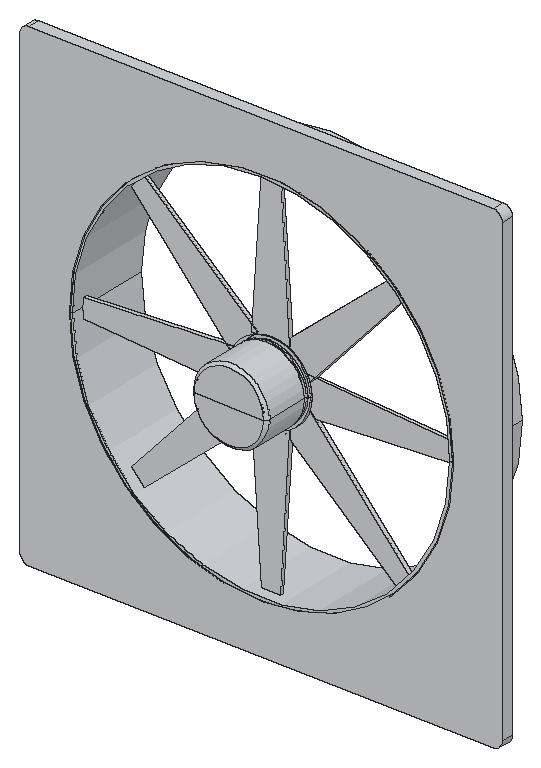
Revit family "CADS_Vent-Axia_MechEquip_Fan_ESP_1Ph4P - EXTRACT", category Mechanical Equipment, Revit 2020
Family settings
  Round Connector Dimension = Use Diameter
  Part Type = Normal
  OmniClass Number = 23.75.00.00
  OmniClass Title = Climate Control (HVAC)
  Work Plane-Based = No
  Always vertical = Yes
  Cut with Voids When Loaded = No
  Shared = No
  Room Calculation Point = No
Parameters (values of type "T100_ESP63014")
  WorkingPressure = 0.0 Pa
  WarrantyStartDate [instance] = "1900-12-31T23:59:59"
  WarrantyPeriod = ""
  WarrantyIdentifier = "N/A"
  WarrantyGuarantorParts = "tech@vent-axia.com"
  WarrantyGuarantorLabor = "tech@vent-axia.com"
  WarrantyGuarantor = "Vent-Axia Limited"
  WarrantyEndDate [instance] = "1900-12-31T23:59:59"
  WarrantyContent = ""
  TemperatureRange = ""
  TagNumber [instance] = "N/A"
  SustainabilityPerformance = ""
  Status = "New"
  Size = ""
  Shape = ""
  ServiceLifeType = ""
  ServiceLifeDuration = ""
  SerialNumber [instance] = "N/A"
  ReplacementCost = ""
  RatedVoltage = 0 V
  RatedCurrent = 0 A
  Quantity = 1
  ProductionYear = ""
  PressureCurve = ""
  PowerFactor = ""
  PointOfContact = ""
  NumberOfPoles = 0
  NominalWidth = 805 mm
  NominalLength = 142.5 mm
  NominalHeight = 805 mm
  NominalFrequencyRange = ""
  NominalDiameter = 630 mm
  ModelReference = "AXIAL PLATE FAN 630DIA 1PH 4 POLE"
  ModelNumber = "T100_ESP63014"
  Material = ""
  ManufacturerE-Mail = "tech@vent-axia.com"
  ManufacturerAddress = "Fleming Way\nCrawley \nRH10 9YX"
  IsExtendedWarranty = no
  InsulationStandardClass = ""
  InstallationDate [instance] = "1900-12-31T23:59:59"
  IfcExportType [instance] = ""
  IfcExportAs = "IfcFanType"
  IP_Code = ""
  HasProtectiveEarth = no
  GrossWeight = 0.00 kg
  Grade = ""
  GlobalTradeItemNumber [instance] = "N/A"
  G = 20 mm
  Fitting Type = "Ignore"
  Finish = ""
  Features = ""
  ExteriorInsulation = no
  ExpectedServiceLife = 0
  Exclusions = ""
  E = 82 mm
  DurationUnit = "Year"
  Default Elevation = 0 mm
  Constituents = ""
  ConductorFunction = ""
  Color = ""
  CodePerformance = ""
  Category = ""
  CADS_Usage = 0
  CADS_Index = 0
  AssetType = "FIXED"
  AssetIdentifier [instance] = "N/A"
  AssemblyPlace = "UNKNOWN"
  ArticleNumber [instance] = "N/A"
  AirflowRateRange = 0.0 L/s
  Air Flow [instance] = 0.0 L/s
  AccessibilityPerformance = ""
  A = 805 mm
Types (8, lengths in mm): name | NominalWidth | NominalLength | NominalHeight | NominalDiameter | ModelReference | ModelNumber | G | E | A
  T100_ESP25014 | 370 | 80 | 370 | 250 | "AXIAL PLATE FAN 250DIA 1PH 4 POLE" | "T100_ESP25014" | 6 | 84 | 370
  T100_ESP31514 | 430 | 84 | 430 | 315 | "AXIAL PLATE FAN 315DIA 1PH 4 POLE  163390-FC031" | "T100_ESP31514" | 19 | 84 | 430
  T100_ESP35514B | 485 | 97 | 485 | 355 | "355MM 1PH 4P PLATE FAN FC035-4EQ.2C.A7 169568" | "T100_ESP35514B" | 21 | 86 | 485
  T100_ESP40014B | 540 | 100 | 540 | 400 | "400MM 1PH 4P PLATE FAN FC040-4EQ.2F.A7 169494" | "T100_ESP40014B" | 12 | 93 | 540
  T100_ESP45014 | 575 | 139 | 575 | 450 | "AXIAL PLATE FAN 450DIA 1PH 4 POLE" | "T100_ESP45014" | 14 | 86 | 575
  T100_ESP50014 | 655 | 141 | 655 | 500 | "AXIAL PLATE FAN 500DIA 1PH 4 POLE" | "T100_ESP50014" | 16 | 84 | 655
  T100_ESP56014C | 725 | 142.5 | 725 | 560 | "560MM 1PH 4P PLATE FAN ART.183560" | "T100_ESP56014C" | 16 | 81 | 725
  T100_ESP63014 | 805 | 142.5 | 805 | 630 | "AXIAL PLATE FAN 630DIA 1PH 4 POLE" | "T100_ESP63014" | 20 | 82 | 805
Reference planes
  plane 1 "Center (Front/Back)": y = 0
  plane 2: z = 0
  plane 3 "Center (Left/Right)": x = 0
  plane 4: x = -315
  plane 5: x = 315
  plane 6 "F": y = -20
  plane 7 "B": y = 122.5
  plane 8: x = -402.5
  plane 9: x = -320
  plane 10 "top": z = 315
  plane 11: z = -315
  plane 12: x = 402.5
  plane 13: z = 402.5
  plane 14: z = -402.5
Forms (mm)
  Revolve 1, solid
    sketch origin (0, 0, 0) x (1, 0, 0) y (0, 1, 0)
      loop
        line (-320, -20) -> (-315, -20) -> (-315, 122.5) -> (-320, 122.5) -> (-320, -20)
      axis (0, 122.5) -> (0, -20)
    angle from 0 to 360
  Extrusion 2, solid
    sketch origin (0, 0, 0) x (1, 0, 0) y (0, 0, 1)
      loop
        arc (-387.5, 402.5) -> (-398.107, 398.107) -> (-402.5, 387.5) r 15
        line (-402.5, 387.5) -> (-402.5, -387.5)
        arc (-402.5, -387.5) -> (-398.107, -398.107) -> (-387.5, -402.5) r 15
        line (-387.5, -402.5) -> (387.5, -402.5)
        arc (387.5, -402.5) -> (398.107, -398.107) -> (402.5, -387.5) r 15
        line (402.5, -387.5) -> (402.5, 387.5)
        arc (402.5, 387.5) -> (398.107, 398.107) -> (387.5, 402.5) r 15
        line (387.5, 402.5) -> (-387.5, 402.5)
      loop
        circle (0, 0) r 320
    from 0 to 20 <- "G"
Dimensions and locks
  equal spacing: plane 4, plane 3 "Center (Left/Right)", plane 5
  "NominalLength": plane 7 "B" to plane 6 "F"
  "NominalDiameter": plane 4 to plane 5
  locked: plane 9 to plane 4 at 5
  equal spacing: plane 10 "top", level, plane 11
  "NominalDiameter": plane 10 "top" to plane 11
  equal spacing: plane 12, plane 3 "Center (Left/Right)", plane 8
  "A": plane 12 to plane 8
  equal spacing: plane 13, level, plane 14
  "A": plane 13 to plane 14
  "G": plane 6 "F" to plane 1 "Center (Front/Back)"
  aligned and locked: level to plane 2
  aligned and locked: Extrusion 2 sketch curve to Revolve 1  (x2)
Automatic sketch dimensions
  plane 6 "F" to Revolve 1 sketch curve = 0 mm
  Revolve 1 sketch curve to plane 4 = 0 mm
  Revolve 1 sketch curve to plane 3 "Center (Left/Right)" = 0 mm
  plane 1 "Center (Front/Back)" to Revolve 1 sketch curve = 0 mm
  Revolve 1 sketch curve to plane 7 "B" = 0 mm
  plane 6 "F" to Revolve 1 sketch curve = 115 mm
  Revolve 1 sketch curve to plane 9 = 0 mm
  Extrusion 2 sketch curve to plane 8 = 0 mm
  Extrusion 2 sketch curve to plane 13 = 0 mm
  Extrusion 2 sketch curve to plane 14 = 0 mm
  plane 12 to Extrusion 2 sketch curve = 0 mm
  plane 8 to Extrusion 2 sketch curve = 15 mm  (x2)
  plane 12 to Extrusion 2 sketch curve = 15 mm  (x2)
Nested families
  nested 1: "Fan for ESP" at (0, 0, 0), ND <- "NominalDiameter", BE <- "E", type "Fan for ESP"
    with hub 63 mm, ND 630 mm, BoltPCD 50.4 mm, Bolt Count 8, B_Diam 10 mm, BE 82 mm
  nested 2: "ESC Blade" at (0, 0, 0), type "ESC Blade"
    with a 20.00°, HR 63 mm, HD 126 mm, BT 31.5 mm, BR 252 mm, BH 40 mm, BD 630 mm, BB 63 mm
  nested 3: "ESC Blade" at (0, 0, 0) x (0.7071, 0, -0.7071) z (0.7071, 0, 0.7071), type "ESC Blade"
    with a 20.00°, HR 63 mm, HD 126 mm, BT 31.5 mm, BR 252 mm, BH 40 mm, BD 630 mm, BB 63 mm
  nested 4: "ESC Blade" at (0, 0, 0) x (0, 0, -1) z (1, 0, 0), type "ESC Blade"
    with a 20.00°, HR 63 mm, HD 126 mm, BT 31.5 mm, BR 252 mm, BH 40 mm, BD 630 mm, BB 63 mm
  nested 5: "ESC Blade" at (0, 0, 0) x (-0.7071, 0, -0.7071) z (0.7071, 0, -0.7071), type "ESC Blade"
    with a 20.00°, HR 63 mm, HD 126 mm, BT 31.5 mm, BR 252 mm, BH 40 mm, BD 630 mm, BB 63 mm
  nested 6: "ESC Blade" at (0, 0, 0) x (-1, 0, 0) z (0, 0, -1), type "ESC Blade"
    with a 20.00°, HR 63 mm, HD 126 mm, BT 31.5 mm, BR 252 mm, BH 40 mm, BD 630 mm, BB 63 mm
  nested 7: "ESC Blade" at (0, 0, 0) x (-0.7071, 0, -0.7071) z (-0.7071, 0, 0.7071), type "ESC Blade"
    with a 20.00°, HR 63 mm, HD 126 mm, BT 31.5 mm, BR 252 mm, BH 40 mm, BD 630 mm, BB 63 mm
  nested 8: "ESC Blade" at (0, 0, 0) x (0, 0, -1) z (-1, 0, 0), type "ESC Blade"
    with a 20.00°, HR 63 mm, HD 126 mm, BT 31.5 mm, BR 252 mm, BH 40 mm, BD 630 mm, BB 63 mm
  nested 9: "ESC Blade" at (0, 0, 0) x (0.7071, 0, -0.7071) z (-0.7071, 0, -0.7071), type "ESC Blade"
    with a 20.00°, HR 63 mm, HD 126 mm, BT 31.5 mm, BR 252 mm, BH 40 mm, BD 630 mm, BB 63 mm
Connectors
  hvac at (0, -20, 0), driven by "NominalDiameter", driven by "Air Flow"
    settings: on Revolve 1, index 1, duct flow 0.0 L/s, flow factor 0, pres drop 0.0 Pa, loss coef 0, conn angle 0.00°, conn width 304.8 mm, conn height 304.8 mm, conn diameter 630 mm, duct sys type 2, conn prof type 0, flow config 0, flow direction 1, loss method 0, conn ref index -1, conn util no, is conn primary yes, conn desc ""
  hvac at (0, 122.5, 0), driven by "NominalDiameter", driven by "Air Flow"
    settings: on Revolve 1, index 2, duct flow 0.0 L/s, flow factor 0, pres drop 0.0 Pa, loss coef 0, conn angle 0.00°, conn width 304.8 mm, conn height 304.8 mm, conn diameter 630 mm, duct sys type 3, conn prof type 0, flow config 1, flow direction 2, loss method 0, conn ref index -1, conn util no, is conn primary no, conn desc ""
Definition of nested family "Fan for ESP"
  Parameters (values of type "Fan for ESP")
    hub [instance] = ND / 10  # 25.1 mm
    ND [instance] = 251 mm
    Model = "."
    Default Elevation = 0 mm
    BoltPCD [instance] = hub - (hub * 0.2)  # 20.08 mm
    Bolt Count [instance] = if(hub < 50 mm, 6, 8)  # 6
    B_Diam [instance] = if(hub < 50 mm, 5 mm, 10 mm)  # 5 mm
    BE [instance] = 84 mm
  Reference planes
    plane 1 "Center (Front/Back)": y = 0
    plane 2: z = 0
    plane 3 "Center (Left/Right)": x = 0
    plane 4 "back": y = 20
    plane 5 "boss": y = -89
    plane 6 "B": z = 25.1
    plane 7: x = -30.1
    plane 8: x = -25.1
    plane 9 "hubface": y = -5
    plane 10: x = -20.1
    plane 11: y = -84
  Forms (mm)
    Revolve 1, solid
      sketch origin (0, 0, 0) x (1, 0, 0) y (0, 1, 0)
        loop
          line (0, -5) -> (0, 10.504) -> (-30.1, 10.504) -> (-30.1, -2.597) -> (-25.1, -2.597) -> (-25.1, -5) -> (0, -5)
        axis (0, 10.504) -> (0, -5)
      angle from 0 to 360
    Extrusion 2, solid, not visible
      sketch origin (0, -6.347, -4) x (-1, 0, 0) y (0, 0, 1)
        loop
          circle (0, 84) r 5
      from 0 to 3
    Revolve 3, solid
      sketch origin (0, 0, 0) x (1, 0, 0) y (0, 1, 0)
        loop
          line (-20.1, -5) -> (-25.1, -10) -> (-25.1, -84) -> (-20.1, -89) -> (0, -89) -> (0, -5) -> (-20.1, -5)
        axis (0, -5) -> (0, -89)
      angle from 0 to 360
  Lines and regions (mm)
    symbolic lines
      curve 1: circle (0, -89, 0) r 20.08 normal (0, 1, 0)
    model lines, not visible
      curve 2: line (0, -6.347, 85) -> (0, -6.347, 75)
  Dimensions and locks
    "hub": plane 6 "B" to plane 2
    "hub": nested 3 to plane 3 "Center (Left/Right)"
    "hub": nested 4 to plane 3 "Center (Left/Right)"
    "hub": nested 5 to plane 3 "Center (Left/Right)"
    "hub": plane 3 "Center (Left/Right)" to nested 6
    "hub": plane 3 "Center (Left/Right)" to nested 7
    "hub": plane 3 "Center (Left/Right)" to nested 8
    "hub": plane 3 "Center (Left/Right)" to nested 9
    "hub": plane 8 to plane 3 "Center (Left/Right)"
    plane 7 to plane 8 = 5 mm
    "BE": plane 5 "boss" to plane 9 "hubface"
    locked: plane 11 to plane 5 "boss" at 5
    plane 8 to plane 10 = 5 mm
    locked: plane 9 "hubface" to plane 1 "Center (Front/Back)" at 5
    diameter of Extrusion 2 sketch curve = 10 mm
    "BoltPCD": radius of curve 1
    aligned and locked: level to plane 2
    aligned and locked: plane 6 "B" to nested 1
  Automatic sketch dimensions
    Revolve 1 sketch curve to plane 7 = 0 mm
    Revolve 1 sketch curve to plane 8 = 0 mm
    Revolve 1 sketch curve to plane 3 "Center (Left/Right)" = 0 mm  (x2)
    Revolve 1 sketch curve to plane 9 "hubface" = 0 mm
    plane 1 "Center (Front/Back)" to Revolve 1 sketch curve = 2.597 mm
    plane 4 "back" to Revolve 1 sketch curve = 5 mm
    plane 4 "back" to Revolve 1 sketch curve = 9.496 mm
    Revolve 1 sketch curve to Revolve 1 sketch curve = 54.496 mm
    Revolve 3 sketch curve to plane 8 = 0 mm
    Revolve 3 sketch curve to plane 5 "boss" = 0 mm
    Revolve 3 sketch curve to plane 10 = 0 mm  (x2)
    Revolve 3 sketch curve to plane 9 "hubface" = 0 mm
    Revolve 3 sketch curve to plane 3 "Center (Left/Right)" = 0 mm  (x2)
    Revolve 3 sketch curve to plane 11 = 0 mm
    Revolve 3 sketch curve to plane 9 "hubface" = 5 mm
    plane 4 "back" to Revolve 3 sketch curve = 4.08 mm
    Revolve 3 sketch curve to plane 4 "back" = 3.828 mm
    curve 1 to level = 0 mm
    curve 1 to plane 3 "Center (Left/Right)" = 0 mm
  Nested families
    nested 1: "ESC Blade" at (0, 0, 0), BD <- "ND", HD <- "hub", type "ESC Blade"
      with a 20.00°, HR 25.1 mm, HD 50.2 mm, BT 12.55 mm, BR 100.4 mm, BH 40 mm, BD 251 mm, BB 25.1 mm
    nested 2: "ESC Blade" at (0, 0, 755), BD <- "ND", HD <- "hub", type "ESC Blade", not visible
      with a 20.00°, HR 25.1 mm, HD 50.2 mm, BT 12.55 mm, BR 100.4 mm, BH 40 mm, BD 251 mm, BB 25.1 mm
    nested 3: "ESC Blade" at (0, 0, 0) x (0.7071, 0, -0.7071) z (0.7071, 0, 0.7071), BD <- "ND", HD <- "hub", type "ESC Blade"
      with a 20.00°, HR 25.1 mm, HD 50.2 mm, BT 12.55 mm, BR 100.4 mm, BH 40 mm, BD 251 mm, BB 25.1 mm
    nested 4: "ESC Blade" at (0, 0, 0) x (0, 0, -1) z (1, 0, 0), BD <- "ND", HD <- "hub", type "ESC Blade"
      with a 20.00°, HR 25.1 mm, HD 50.2 mm, BT 12.55 mm, BR 100.4 mm, BH 40 mm, BD 251 mm, BB 25.1 mm
    nested 5: "ESC Blade" at (0, 0, 0) x (-0.7071, 0, -0.7071) z (0.7071, 0, -0.7071), BD <- "ND", HD <- "hub", type "ESC Blade"
      with a 20.00°, HR 25.1 mm, HD 50.2 mm, BT 12.55 mm, BR 100.4 mm, BH 40 mm, BD 251 mm, BB 25.1 mm
    nested 6: "ESC Blade" at (0, 0, 0) x (-1, 0, 0) z (0, 0, -1), BD <- "ND", HD <- "hub", type "ESC Blade"
      with a 20.00°, HR 25.1 mm, HD 50.2 mm, BT 12.55 mm, BR 100.4 mm, BH 40 mm, BD 251 mm, BB 25.1 mm
    nested 7: "ESC Blade" at (0, 0, 0) x (-0.7071, 0, -0.7071) z (-0.7071, 0, 0.7071), BD <- "ND", HD <- "hub", type "ESC Blade"
      with a 20.00°, HR 25.1 mm, HD 50.2 mm, BT 12.55 mm, BR 100.4 mm, BH 40 mm, BD 251 mm, BB 25.1 mm
    nested 8: "ESC Blade" at (0, 0, 0) x (0, 0, -1) z (-1, 0, 0), BD <- "ND", HD <- "hub", type "ESC Blade"
      with a 20.00°, HR 25.1 mm, HD 50.2 mm, BT 12.55 mm, BR 100.4 mm, BH 40 mm, BD 251 mm, BB 25.1 mm
    nested 9: "ESC Blade" at (0, 0, 0) x (0.7071, 0, -0.7071) z (-0.7071, 0, -0.7071), BD <- "ND", HD <- "hub", type "ESC Blade"
      with a 20.00°, HR 25.1 mm, HD 50.2 mm, BT 12.55 mm, BR 100.4 mm, BH 40 mm, BD 251 mm, BB 25.1 mm
  Definition of nested family "ESC Blade"
    Parameters (values of type "ESC Blade")
      a [instance] = 20.00°
      HR [instance] = HD / 2  # 30 mm
      HD [instance] = BD / 5  # 60 mm
      Default Elevation = 1219.2 mm
      BT [instance] = BD / 20  # 15 mm
      BR [instance] = (BD / 2) - HR  # 120 mm
      BH [instance] = 40 mm
      BD [instance] = 300 mm
      BB [instance] = BD / 10  # 30 mm
    Reference planes
      plane 1 "Center (Front/Back)": y = 0
      plane 2: z = 0
      plane 3 "Center (Left/Right)": x = 0
      plane 4 "Blade Bot": z = 30
      plane 5: x = -15
      plane 6: x = 15
      plane 7: x = -7.5
      plane 8: x = 7.5
    Forms (mm)
      Blend 1, solid
        base sketch origin (0, 0, 30) x (-1, 0, 0) y (0, -1, 0)
          loop
            line (15, 0) -> (-15, 0) -> (-15, -6) -> (15, -6) -> (15, 0)
        top sketch origin (0, 0, 30) x (-1, 0, 0) y (0, -1, 0)
          loop
            line (7.5, -6) -> (7.5, 0) -> (-7.5, 0) -> (-7.5, -6) -> (7.5, -6)
        from 0 to 120 <- "BR"
    Dimensions and locks
      "HR": plane 4 "Blade Bot" to level
      equal spacing: plane 8, plane 3 "Center (Left/Right)", plane 7
      "BT": plane 8 to plane 7
      equal spacing: plane 6, plane 3 "Center (Left/Right)", plane 5
      "BB": plane 6 to plane 5
      aligned and locked: level to plane 2
    Automatic sketch dimensions
      plane 1 "Center (Front/Back)" to Blend 1 sketch curve = 0 mm  (x2)
      Blend 1 sketch curve to plane 6 = 0 mm
      Blend 1 sketch curve to plane 5 = 0 mm
      Blend 1 sketch curve to plane 1 "Center (Front/Back)" = 6 mm  (x2)
      Blend 1 sketch curve to plane 8 = 0 mm
      Blend 1 sketch curve to plane 7 = 0 mm
Definition of nested family "ESC Blade"
  Parameters (values of type "ESC Blade")
    a [instance] = 20.00°
    HR [instance] = HD / 2  # 30 mm
    HD [instance] = BD / 5  # 60 mm
    Default Elevation = 1219.2 mm
    BT [instance] = BD / 20  # 15 mm
    BR [instance] = (BD / 2) - HR  # 120 mm
    BH [instance] = 40 mm
    BD [instance] = 300 mm
    BB [instance] = BD / 10  # 30 mm
  Reference planes
    plane 1 "Center (Front/Back)": y = 0
    plane 2: z = 0
    plane 3 "Center (Left/Right)": x = 0
    plane 4 "Blade Bot": z = 30
    plane 5: x = -15
    plane 6: x = 15
    plane 7: x = -7.5
    plane 8: x = 7.5
  Forms (mm)
    Blend 1, solid
      base sketch origin (0, 0, 30) x (-1, 0, 0) y (0, -1, 0)
        loop
          line (15, 0) -> (-15, 0) -> (-15, -6) -> (15, -6) -> (15, 0)
      top sketch origin (0, 0, 30) x (-1, 0, 0) y (0, -1, 0)
        loop
          line (7.5, -6) -> (7.5, 0) -> (-7.5, 0) -> (-7.5, -6) -> (7.5, -6)
      from 0 to 120 <- "BR"
  Dimensions and locks
    "HR": plane 4 "Blade Bot" to level
    equal spacing: plane 8, plane 3 "Center (Left/Right)", plane 7
    "BT": plane 8 to plane 7
    equal spacing: plane 6, plane 3 "Center (Left/Right)", plane 5
    "BB": plane 6 to plane 5
    aligned and locked: level to plane 2
  Automatic sketch dimensions
    plane 1 "Center (Front/Back)" to Blend 1 sketch curve = 0 mm  (x2)
    Blend 1 sketch curve to plane 6 = 0 mm
    Blend 1 sketch curve to plane 5 = 0 mm
    Blend 1 sketch curve to plane 1 "Center (Front/Back)" = 6 mm  (x2)
    Blend 1 sketch curve to plane 8 = 0 mm
    Blend 1 sketch curve to plane 7 = 0 mm
